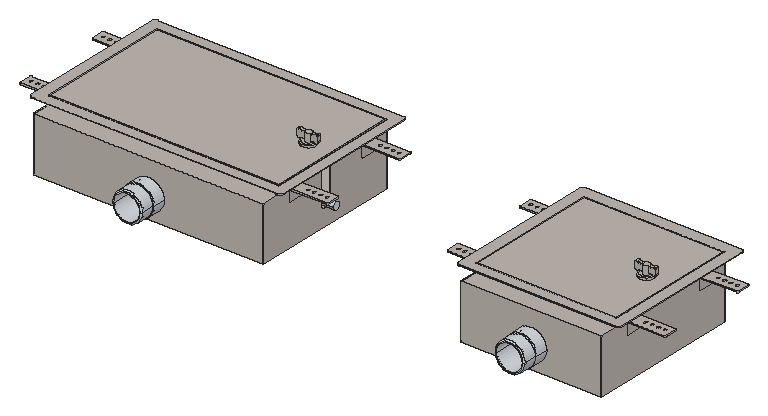
Revit family "MI-DIAL-BPS", category Pipe Accessories, host Face, Revit 2018
Family settings
  Host = Face
  Round Connector Dimension = Use Diameter
  Part Type = Normal
  Cut with Voids When Loaded = No
  Shared = No
Parameters
  URL = "www.mifab.com"
  Model = "MI-DIAL-BPS"
  Manufacturer = "MIFAB"
  Length [instance] = 1' - 1 167/256"
  Description = "STAINLESS STEEL DIALYSIS SUPPLY & SEPARATE WASTE BOX WITH FRP VALVE AND TRAP SEAL PRIMER"
  Default Elevation = 4' - 0"
Reference planes (in)
  plane 1 "Center (Front/Back)": y = 0
  plane 2: z = 0
  plane 3 "Center (Left/Right)": x = 0
  plane 4: z = 4.875
  plane 5: z = 3.33788
  plane 6: z = 0.03906
  plane 7: z = 2.375
  plane 8: z = 2.291
  plane 9: z = 4.6535
  plane 10: z = 4.25
  plane 11: z = 4.875
  plane 12: x = -6.82617
  plane 13: x = 6.82617
Dimensions and locks (in)
  locked: plane 4 to level at 4.875
  locked: plane 6 to plane 2 at 0.03906
  plane 4 to plane 7 = 0' - 2 1/2"
  locked: plane 4 to plane 9 at 0.2215
  plane 4 to plane 10 = 0' - 0 5/8"
  equal spacing: plane 12, plane 3 "Center (Left/Right)", plane 13
  "Length": plane 12 to plane 13
  aligned and locked: plane 2 to host face
  aligned and locked: level to host face
  aligned and locked: plane 1 "Center (Front/Back)" to nested 1
  aligned and locked: plane 1 "Center (Front/Back)" to nested 2
  aligned and locked: plane 12 to nested 1
  aligned and locked: nested 2 to plane 13
Automatic sketch dimensions
  host sketch curve to host sketch curve = 10' - 1.47682"
  host sketch curve to host sketch curve = 10' - 0"
Nested families (in)
  nested 1: "MI-DIAL-BPS_L" at (-16.70117, 0, 0), type "MI-DIAL-BPS_L"
  nested 2: "MI-DIAL-BPS_S" at (-16.97069, 0, 0), type "MI-DIAL-BPS_S"
Connectors (in)
  piping at (-16.70117, -8.87916, -2.416), diameter 2
    settings: on nested 1, index 1, connector inside diameter 609.6 mm, connector length 0' - 0", flow factor 0, pipe flow 0.0 L/s, pressure drop 0.0 Pa, fitting loss kfactor 0, connector angle 0.00°, fixture units 0, engagement length 0' - 0", angle of deflection 0.00°, flow configuration 0, flow direction 2, fitting loss method 0, system type 16, joint type 0, gender type 0, connector reference index -1, connector utility 0, adjustable connector no, is connector primary yes, connector description ""
  piping at (13.20117, -8.87916, -2.416), diameter 2
    settings: on nested 2, index 2, connector inside diameter 609.6 mm, connector length 0' - 0", flow factor 0, pipe flow 0.0 L/s, pressure drop 0.0 Pa, fitting loss kfactor 0, connector angle 0.00°, fixture units 0, engagement length 0' - 0", angle of deflection 0.00°, flow configuration 0, flow direction 2, fitting loss method 0, system type 16, joint type 0, gender type 0, connector reference index -1, connector utility 0, adjustable connector no, is connector primary no, connector description ""
  piping at (-24.77403, 6.15625, -2.02858), diameter 0.5
    settings: on nested 1, index 3, connector inside diameter 609.6 mm, connector length 0' - 0", flow factor 0, pipe flow 0.0 L/s, pressure drop 0.0 Pa, fitting loss kfactor 0, connector angle 0.00°, fixture units 0, engagement length 0' - 0", angle of deflection 0.00°, flow configuration 0, flow direction 1, fitting loss method 0, system type 7, joint type 0, gender type 0, connector reference index -1, connector utility 0, adjustable connector no, is connector primary no, connector description ""
  piping at (-6.82617, -0.73438, -2.416), diameter 0.5
    settings: on nested 1, index 4, connector inside diameter 609.6 mm, connector length 0' - 0", flow factor 0, pipe flow 0.0 L/s, pressure drop 0.0 Pa, fitting loss kfactor 0, connector angle 0.00°, fixture units 0, engagement length 0' - 0", angle of deflection 0.00°, flow configuration 0, flow direction 1, fitting loss method 0, system type 7, joint type 0, gender type 0, connector reference index -1, connector utility 0, adjustable connector no, is connector primary no, connector description ""
  piping at (6.82617, -0.724, -2.416), diameter 0.5
    settings: on nested 2, index 5, connector inside diameter 609.6 mm, connector length 0' - 0", flow factor 0, pipe flow 0.0 L/s, pressure drop 0.0 Pa, fitting loss kfactor 0, connector angle 0.00°, fixture units 0, engagement length 0' - 0", angle of deflection 0.00°, flow configuration 0, flow direction 1, fitting loss method 0, system type 7, joint type 0, gender type 0, connector reference index -1, connector utility 0, adjustable connector no, is connector primary no, connector description ""
Definition of nested family "MI-DIAL-BPS_L"
  Parameters (values of type "MI-DIAL-BPS_L")
    Default Elevation = 4' - 0"
  Reference planes (in)
    plane 1 "Center (Front/Back)": y = 0
    plane 2: z = 0
    plane 3 "Center (Left/Right)": x = 0
    plane 4: x = -9.875
    plane 5: x = 9.875
    plane 6: z = 4.875
    plane 7: z = 3.33788
    plane 8: x = -9
    plane 9: x = 9
    plane 10: z = 0.03906
    plane 11: z = 2.375
    plane 12: z = 2.291
    plane 13: x = 0.76141
    plane 14: x = 2.35719
    plane 15: z = 4.6535
    plane 16: y = -4.37545
    plane 17: y = 4.3125
    plane 18: x = 1.5601
    plane 19: y = -2.71428
    plane 20: y = 6.15625
    plane 21: y = -6.15625
    plane 22: y = 5.28125
    plane 23: y = -5.28125
    plane 24: y = -6.78125
    plane 25: z = 4.25
    plane 26: y = -0.73438
    plane 27: z = 4.875
  Forms (in)
    Extrusion 1, solid
      sketch origin (0, 0, 0) x (1, 0, 0) y (0, 1, 0)
        loop
          line (-50, 48) -> (-50, -48) -> (44.8531, -48) -> (44.8531, 48) -> (-50, 48)
      from 0 to -12
    Extrusion 2, solid
      sketch origin (0, 0, -4.166) x (1, 0, 0) y (0, 1, 0)
        loop
          arc (-9.875, -5.85857) -> (-9.78781, -6.06906) -> (-9.57732, -6.15625) r 0.29768
          line (-9.57732, -6.15625) -> (9.57813, -6.15625)
          arc (9.57813, -6.15625) -> (9.78805, -6.0693) -> (9.875, -5.85937) r 0.29688
          line (9.875, -5.85937) -> (9.875, 5.85937)
          arc (9.875, 5.85937) -> (9.78805, 6.0693) -> (9.57813, 6.15625) r 0.29688
          line (9.57813, 6.15625) -> (-9.57812, 6.15625)
          arc (-9.57812, 6.15625) -> (-9.78805, 6.0693) -> (-9.875, 5.85937) r 0.29688
          line (-9.875, 5.85937) -> (-9.875, -5.85857)
        loop
          arc (-8.94945, 5.28125) -> (-8.98519, 5.26644) -> (-9, 5.2307) r 0.05055
          line (-9, 5.2307) -> (-9, -5.28125) -> (9, -5.28125) -> (9, 5.23047)
          arc (9, 5.23047) -> (8.98513, 5.26638) -> (8.94922, 5.28125) r 0.05078
          line (8.94922, 5.28125) -> (-8.94945, 5.28125)
      from 4.83788 to 4.875
    Extrusion 3, solid
      sketch origin (0, 0, -4.166) x (1, 0, 0) y (0, 1, 0)
        loop
          arc (9, 5.23047) -> (8.98513, 5.26638) -> (8.94922, 5.28125) r 0.05078
          line (8.94922, 5.28125) -> (-8.94945, 5.28125)
          arc (-8.94945, 5.28125) -> (-8.98519, 5.26644) -> (-9, 5.2307) r 0.05055
          line (-9, 5.2307) -> (-9, -6.73047)
          arc (-9, -6.73047) -> (-8.98513, -6.76638) -> (-8.94922, -6.78125) r 0.05078
          line (-8.94922, -6.78125) -> (8.94922, -6.78125)
          arc (8.94922, -6.78125) -> (8.98513, -6.76638) -> (9, -6.73047) r 0.05078
          line (9, -6.73047) -> (9, 5.23047)
        loop
          line (-8.96094, 5.24281) -> (-8.96094, -6.74219) -> (8.96094, -6.74219) -> (8.96094, 5.24281) -> (-8.96094, 5.24281)
      from 0.03906 to 4.875
    Extrusion 4, solid
      sketch origin (0, 0, -4.166) x (1, 0, 0) y (0, 1, 0)
        loop
          line (-9, 5.2307) -> (-9, -6.73047)
          arc (-9, -6.73047) -> (-8.98513, -6.76638) -> (-8.94922, -6.78125) r 0.05078
          line (-8.94922, -6.78125) -> (8.94922, -6.78125)
          arc (8.94922, -6.78125) -> (8.98513, -6.76638) -> (9, -6.73047) r 0.05078
          line (9, -6.73047) -> (9, 5.23047)
          arc (9, 5.23047) -> (8.98513, 5.26638) -> (8.94922, 5.28125) r 0.05078
          line (8.94922, 5.28125) -> (-8.94945, 5.28125)
          arc (-8.94945, 5.28125) -> (-8.98519, 5.26644) -> (-9, 5.2307) r 0.05055
      from 0 to 0.03906
    Extrusion 5, solid
      sketch origin (0, 0, -4.166) x (1, 0, 0) y (0, 1, 0)
        loop
          line (-8.96094, 5.24281) -> (-8.96094, -5.28125) -> (8.96094, -5.28125) -> (8.96094, 5.24281) -> (-8.96094, 5.24281)
      from 4.6535 to 4.875
    Extrusion 6, solid
      sketch origin (0, 0, -2.291) x (1, 0, 0) y (0, 1, 0)
        loop
          line (-9, 3.84196) -> (-11.93897, 3.84196)
          arc (-11.93897, 3.84196) -> (-12.00803, 3.81335) -> (-12.03663, 3.7443) r 0.09766
          line (-12.03663, 3.7443) -> (-12.03663, 2.85105)
          arc (-12.03663, 2.85105) -> (-12.00794, 2.78179) -> (-11.93868, 2.7531) r 0.09795
          line (-11.93868, 2.7531) -> (-9, 2.7531) -> (-9, 3.84196)
        loop
          circle (-11.56892, 3.29768) r 0.10469
        loop
          circle (-11.06892, 3.29768) r 0.10469
        loop
          circle (-10.56892, 3.29768) r 0.10469
        loop
          circle (-10.06892, 3.29768) r 0.10469
        loop
          line (-9, -4.31071) -> (-9, -3.22185) -> (-11.93868, -3.22185)
          arc (-11.93868, -3.22185) -> (-12.00794, -3.25054) -> (-12.03663, -3.3198) r 0.09795
          line (-12.03663, -3.3198) -> (-12.03663, -4.21305)
          arc (-12.03663, -4.21305) -> (-12.00803, -4.2821) -> (-11.93897, -4.31071) r 0.09766
          line (-11.93897, -4.31071) -> (-9, -4.31071)
        loop
          circle (-11.56892, -3.76643) r 0.10469
        loop
          circle (-11.06892, -3.76643) r 0.10469
        loop
          circle (-10.56892, -3.76643) r 0.10469
        loop
          circle (-10.06892, -3.76643) r 0.10469
        loop
          line (9, 3.84196) -> (9, 2.7531) -> (11.93868, 2.7531)
          arc (11.93868, 2.7531) -> (12.00794, 2.78179) -> (12.03663, 2.85105) r 0.09795
          line (12.03663, 2.85105) -> (12.03663, 3.7443)
          arc (12.03663, 3.7443) -> (12.00803, 3.81335) -> (11.93897, 3.84196) r 0.09766
          line (11.93897, 3.84196) -> (9, 3.84196)
        loop
          circle (11.56892, 3.29768) r 0.10469
        loop
          circle (11.06892, 3.29768) r 0.10469
        loop
          circle (10.56892, 3.29768) r 0.10469
        loop
          circle (10.06892, 3.29768) r 0.10469
        loop
          line (9, -4.31071) -> (11.93897, -4.31071)
          arc (11.93897, -4.31071) -> (12.00803, -4.2821) -> (12.03663, -4.21305) r 0.09766
          line (12.03663, -4.21305) -> (12.03663, -3.3198)
          arc (12.03663, -3.3198) -> (12.00794, -3.25054) -> (11.93868, -3.22185) r 0.09795
          line (11.93868, -3.22185) -> (9, -3.22185) -> (9, -4.31071)
        loop
          circle (11.56892, -3.76643) r 0.10469
        loop
          circle (11.06892, -3.76643) r 0.10469
        loop
          circle (10.56892, -3.76643) r 0.10469
        loop
          circle (10.06892, -3.76643) r 0.10469
      from 2.291 to 2.375
    Extrusion 7, solid
      sketch origin (-9, 5.2307, -4.166) x (0, -1, 0) y (0, 0, 1)
        loop
          line (8.5502, 3.27894) -> (9.44375, 3.27894)
          arc (9.44375, 3.27894) -> (9.5128, 3.30754) -> (9.5414, 3.37659) r 0.09766
          line (9.5414, 3.37659) -> (9.5414, 4.166) -> (8.45255, 4.166) -> (8.45255, 3.37659)
          arc (8.45255, 3.37659) -> (8.48115, 3.30754) -> (8.5502, 3.27894) r 0.09766
      from 0 to 0.084
    Extrusion 8, solid
      sketch origin (-9, 12.2945, -4.166) x (0, -1, 0) y (0, 0, 1)
        loop
          line (8.5502, 3.27894) -> (9.44375, 3.27894)
          arc (9.44375, 3.27894) -> (9.5128, 3.30754) -> (9.5414, 3.37659) r 0.09766
          line (9.5414, 3.37659) -> (9.5414, 4.166) -> (8.45255, 4.166) -> (8.45255, 3.37659)
          arc (8.45255, 3.37659) -> (8.48115, 3.30754) -> (8.5502, 3.27894) r 0.09766
      from 0 to 0.084
    Extrusion 9, solid
      sketch origin (9, 5.2307, -4.166) x (0, -1, 0) y (0, 0, -1)
        loop
          arc (8.5502, -3.27894) -> (8.48115, -3.30754) -> (8.45255, -3.37659) r 0.09766
          line (8.45255, -3.37659) -> (8.45255, -4.166) -> (9.5414, -4.166) -> (9.5414, -3.37659)
          arc (9.5414, -3.37659) -> (9.5128, -3.30754) -> (9.44375, -3.27894) r 0.09766
          line (9.44375, -3.27894) -> (8.5502, -3.27894)
      from 0 to 0.084
    Extrusion 10, solid
      sketch origin (9, 12.2945, -4.166) x (0, -1, 0) y (0, 0, -1)
        loop
          arc (8.5502, -3.27894) -> (8.48115, -3.30754) -> (8.45255, -3.37659) r 0.09766
          line (8.45255, -3.37659) -> (8.45255, -4.166) -> (9.5414, -4.166) -> (9.5414, -3.37659)
          arc (9.5414, -3.37659) -> (9.5128, -3.30754) -> (9.44375, -3.27894) r 0.09766
          line (9.44375, -3.27894) -> (8.5502, -3.27894)
      from 0 to 0.084
    Extrusion 11, void
      sketch origin (0, 0, -4.166) x (0, 1, 0) y (0, 0, 1)
        loop
          line (-6.15625, 4.875) -> (-6.78125, 4.875) -> (-6.78125, 4.25) -> (-5.28125, 4.25) -> (-5.28125, 4.83788) -> (-6.15625, 4.83788) -> (-6.15625, 4.875)
      from -9.875 to 9.875
    Extrusion 12, solid
      sketch origin (0, 0, -4.166) x (0, 1, 0) y (0, 0, 1)
        loop
          line (-5.28125, 4.83788) -> (-5.28125, 4.25) -> (-6.78125, 4.25) -> (-6.78125, 4.21094) -> (-5.24219, 4.21094) -> (-5.24219, 4.83788) -> (-5.28125, 4.83788)
      from -9 to 9
    Extrusion 13, void
      sketch origin (0, -6.78125, 0.04494) x (0, 1, 0) y (-1, 0, 0)
        loop
          line (0.05078, 9) -> (0, 9) -> (0, 8.94922)
          arc (0, 8.94922) -> (0.01487, 8.98513) -> (0.05078, 9) r 0.05078
        loop
          line (0, -8.94922) -> (0, -9) -> (0.05078, -9)
          arc (0.05078, -9) -> (0.01487, -8.98513) -> (0, -8.94922) r 0.05078
      from 0 to 0.03906
    Extrusion 14, void
      sketch origin (-8.96094, 5.24281, -4.166) x (-1, 0, 0) y (0, 0, 1)
        loop
          circle (-0.88808, 2.13742) r 0.5
      from 0 to 0.03844
    Extrusion 15, void
      sketch origin (8.96094, 5.24281, -4.166) x (0, 1, 0) y (0, 0, -1)
        loop
          line (-5.47719, -4.6535) -> (-5.47719, -1.78654)
          arc (-5.47719, -1.78654) -> (-5.97719, -1.28654) -> (-6.47719, -1.78654) r 0.5
          line (-6.47719, -1.78654) -> (-6.47719, -4.6535) -> (-5.47719, -4.6535)
      from -0.03906 to 0
    Extrusion 16, solid, not visible
      sketch origin (0, 0, -4.166) x (1, 0, 0) y (0, 1, 0)
        loop
          arc (-9.875, -5.85857) -> (-9.78781, -6.06906) -> (-9.57732, -6.15625) r 0.29768
          line (-9.57732, -6.15625) -> (9.57813, -6.15625)
          arc (9.57813, -6.15625) -> (9.78805, -6.0693) -> (9.875, -5.85937) r 0.29688
          line (9.875, -5.85937) -> (9.875, 5.85937)
          arc (9.875, 5.85937) -> (9.78805, 6.0693) -> (9.57813, 6.15625) r 0.29688
          line (9.57813, 6.15625) -> (-9.57812, 6.15625)
          arc (-9.57812, 6.15625) -> (-9.78805, 6.0693) -> (-9.875, 5.85937) r 0.29688
          line (-9.875, 5.85937) -> (-9.875, -5.85857)
        loop
          arc (-8.94945, 5.28125) -> (-8.98519, 5.26644) -> (-9, 5.2307) r 0.05055
          line (-9, 5.2307) -> (-9, -5.28125) -> (9, -5.28125) -> (9, 5.23047)
          arc (9, 5.23047) -> (8.98513, 5.26638) -> (8.94922, 5.28125) r 0.05078
          line (8.94922, 5.28125) -> (-8.94945, 5.28125)
      from 4.83788 to 4.875
    Extrusion 17, solid, not visible
      sketch origin (0, 0, -4.166) x (1, 0, 0) y (0, 1, 0)
        loop
          arc (9, 5.23047) -> (8.98513, 5.26638) -> (8.94922, 5.28125) r 0.05078
          line (8.94922, 5.28125) -> (-8.94945, 5.28125)
          arc (-8.94945, 5.28125) -> (-8.98519, 5.26644) -> (-9, 5.2307) r 0.05055
          line (-9, 5.2307) -> (-9, -6.73047)
          arc (-9, -6.73047) -> (-8.98513, -6.76638) -> (-8.94922, -6.78125) r 0.05078
          line (-8.94922, -6.78125) -> (8.94922, -6.78125)
          arc (8.94922, -6.78125) -> (8.98513, -6.76638) -> (9, -6.73047) r 0.05078
          line (9, -6.73047) -> (9, 5.23047)
        loop
          line (-8.96094, 5.24281) -> (-8.96094, -6.74219) -> (8.96094, -6.74219) -> (8.96094, 5.24281) -> (-8.96094, 5.24281)
      from 0.03906 to 4.875
    Extrusion 18, solid, not visible
      sketch origin (0, 0, -4.166) x (1, 0, 0) y (0, 1, 0)
        loop
          line (-9, 5.2307) -> (-9, -6.73047)
          arc (-9, -6.73047) -> (-8.98513, -6.76638) -> (-8.94922, -6.78125) r 0.05078
          line (-8.94922, -6.78125) -> (8.94922, -6.78125)
          arc (8.94922, -6.78125) -> (8.98513, -6.76638) -> (9, -6.73047) r 0.05078
          line (9, -6.73047) -> (9, 5.23047)
          arc (9, 5.23047) -> (8.98513, 5.26638) -> (8.94922, 5.28125) r 0.05078
          line (8.94922, 5.28125) -> (-8.94945, 5.28125)
          arc (-8.94945, 5.28125) -> (-8.98519, 5.26644) -> (-9, 5.2307) r 0.05055
      from 0 to 0.03906
    Extrusion 19, solid, not visible
      sketch origin (0, 0, -4.166) x (1, 0, 0) y (0, 1, 0)
        loop
          line (-8.96094, 5.24281) -> (-8.96094, -5.28125) -> (8.96094, -5.28125) -> (8.96094, 5.24281) -> (-8.96094, 5.24281)
      from 4.6535 to 4.875
    Extrusion 20, solid, not visible
      sketch origin (0, 0, -2.291) x (1, 0, 0) y (0, 1, 0)
        loop
          line (-9, 3.84196) -> (-11.93897, 3.84196)
          arc (-11.93897, 3.84196) -> (-12.00803, 3.81335) -> (-12.03663, 3.7443) r 0.09766
          line (-12.03663, 3.7443) -> (-12.03663, 2.85105)
          arc (-12.03663, 2.85105) -> (-12.00794, 2.78179) -> (-11.93868, 2.7531) r 0.09795
          line (-11.93868, 2.7531) -> (-9, 2.7531) -> (-9, 3.84196)
        loop
          circle (-11.56892, 3.29768) r 0.10469
        loop
          circle (-11.06892, 3.29768) r 0.10469
        loop
          circle (-10.56892, 3.29768) r 0.10469
        loop
          circle (-10.06892, 3.29768) r 0.10469
        loop
          line (-9, -4.31071) -> (-9, -3.22185) -> (-11.93868, -3.22185)
          arc (-11.93868, -3.22185) -> (-12.00794, -3.25054) -> (-12.03663, -3.3198) r 0.09795
          line (-12.03663, -3.3198) -> (-12.03663, -4.21305)
          arc (-12.03663, -4.21305) -> (-12.00803, -4.2821) -> (-11.93897, -4.31071) r 0.09766
          line (-11.93897, -4.31071) -> (-9, -4.31071)
        loop
          circle (-11.56892, -3.76643) r 0.10469
        loop
          circle (-11.06892, -3.76643) r 0.10469
        loop
          circle (-10.56892, -3.76643) r 0.10469
        loop
          circle (-10.06892, -3.76643) r 0.10469
        loop
          line (9, 3.84196) -> (9, 2.7531) -> (11.93868, 2.7531)
          arc (11.93868, 2.7531) -> (12.00794, 2.78179) -> (12.03663, 2.85105) r 0.09795
          line (12.03663, 2.85105) -> (12.03663, 3.7443)
          arc (12.03663, 3.7443) -> (12.00803, 3.81335) -> (11.93897, 3.84196) r 0.09766
          line (11.93897, 3.84196) -> (9, 3.84196)
        loop
          circle (11.56892, 3.29768) r 0.10469
        loop
          circle (11.06892, 3.29768) r 0.10469
        loop
          circle (10.56892, 3.29768) r 0.10469
        loop
          circle (10.06892, 3.29768) r 0.10469
        loop
          line (9, -4.31071) -> (11.93897, -4.31071)
          arc (11.93897, -4.31071) -> (12.00803, -4.2821) -> (12.03663, -4.21305) r 0.09766
          line (12.03663, -4.21305) -> (12.03663, -3.3198)
          arc (12.03663, -3.3198) -> (12.00794, -3.25054) -> (11.93868, -3.22185) r 0.09795
          line (11.93868, -3.22185) -> (9, -3.22185) -> (9, -4.31071)
        loop
          circle (11.56892, -3.76643) r 0.10469
        loop
          circle (11.06892, -3.76643) r 0.10469
        loop
          circle (10.56892, -3.76643) r 0.10469
        loop
          circle (10.06892, -3.76643) r 0.10469
      from 2.291 to 2.375
    Extrusion 21, solid, not visible
      sketch origin (-9, 5.2307, -4.166) x (0, -1, 0) y (0, 0, 1)
        loop
          line (8.5502, 3.27894) -> (9.44375, 3.27894)
          arc (9.44375, 3.27894) -> (9.5128, 3.30754) -> (9.5414, 3.37659) r 0.09766
          line (9.5414, 3.37659) -> (9.5414, 4.166) -> (8.45255, 4.166) -> (8.45255, 3.37659)
          arc (8.45255, 3.37659) -> (8.48115, 3.30754) -> (8.5502, 3.27894) r 0.09766
      from 0 to 0.084
    Extrusion 22, solid, not visible
      sketch origin (-9, 12.2945, -4.166) x (0, -1, 0) y (0, 0, 1)
        loop
          line (8.5502, 3.27894) -> (9.44375, 3.27894)
          arc (9.44375, 3.27894) -> (9.5128, 3.30754) -> (9.5414, 3.37659) r 0.09766
          line (9.5414, 3.37659) -> (9.5414, 4.166) -> (8.45255, 4.166) -> (8.45255, 3.37659)
          arc (8.45255, 3.37659) -> (8.48115, 3.30754) -> (8.5502, 3.27894) r 0.09766
      from 0 to 0.084
    Extrusion 23, solid, not visible
      sketch origin (9, 5.2307, -4.166) x (0, -1, 0) y (0, 0, -1)
        loop
          arc (8.5502, -3.27894) -> (8.48115, -3.30754) -> (8.45255, -3.37659) r 0.09766
          line (8.45255, -3.37659) -> (8.45255, -4.166) -> (9.5414, -4.166) -> (9.5414, -3.37659)
          arc (9.5414, -3.37659) -> (9.5128, -3.30754) -> (9.44375, -3.27894) r 0.09766
          line (9.44375, -3.27894) -> (8.5502, -3.27894)
      from 0 to 0.084
    Extrusion 24, solid, not visible
      sketch origin (9, 12.2945, -4.166) x (0, -1, 0) y (0, 0, -1)
        loop
          arc (8.5502, -3.27894) -> (8.48115, -3.30754) -> (8.45255, -3.37659) r 0.09766
          line (8.45255, -3.37659) -> (8.45255, -4.166) -> (9.5414, -4.166) -> (9.5414, -3.37659)
          arc (9.5414, -3.37659) -> (9.5128, -3.30754) -> (9.44375, -3.27894) r 0.09766
          line (9.44375, -3.27894) -> (8.5502, -3.27894)
      from 0 to 0.084
    Extrusion 25, void, not visible
      sketch origin (0, 0, -4.166) x (0, 1, 0) y (0, 0, 1)
        loop
          line (-5.28125, 4.875) -> (-6.78125, 4.875) -> (-6.78125, 4.25) -> (-5.28125, 4.25) -> (-5.28125, 4.875)
      from -9.875 to 9.875
    Extrusion 26, solid, not visible
      sketch origin (0, 0, -4.166) x (0, 1, 0) y (0, 0, 1)
        loop
          line (-5.28125, 4.83788) -> (-5.28125, 4.25) -> (-6.78125, 4.25) -> (-6.78125, 4.21094) -> (-5.24219, 4.21094) -> (-5.24219, 4.83788) -> (-5.28125, 4.83788)
      from -9 to 9
    Extrusion 27, void, not visible
      sketch origin (0, -6.78125, 0.04494) x (0, 1, 0) y (-1, 0, 0)
        loop
          line (0.05078, 9) -> (0, 9) -> (0, 8.94922)
          arc (0, 8.94922) -> (0.01487, 8.98513) -> (0.05078, 9) r 0.05078
        loop
          line (0, -8.94922) -> (0, -9) -> (0.05078, -9)
          arc (0.05078, -9) -> (0.01487, -8.98513) -> (0, -8.94922) r 0.05078
      from 0 to 0.03906
    Extrusion 28, void, not visible
      sketch origin (-8.96094, 5.24281, -4.166) x (-1, 0, 0) y (0, 0, 1)
        loop
          circle (-0.88808, 2.13742) r 0.64949
      from 0 to 0.03844
    Extrusion 29, void, not visible
      sketch origin (8.96094, 5.24281, -4.166) x (0, 1, 0) y (0, 0, -1)
        loop
          line (-5.47719, -4.6535) -> (-5.47719, -1.78654)
          arc (-5.47719, -1.78654) -> (-5.97719, -1.28654) -> (-6.47719, -1.78654) r 0.5
          line (-6.47719, -1.78654) -> (-6.47719, -4.6535) -> (-5.47719, -4.6535)
      from -0.03906 to 0
    Extrusion 30, solid, not visible
      sketch origin (28.17186, 0.5, -4.166) x (1, 0, 0) y (0, 1, 0)
        loop
          arc (7.5, 4.73047) -> (7.48513, 4.76638) -> (7.44922, 4.78125) r 0.05078
          line (7.44922, 4.78125) -> (-3.44945, 4.78125)
          arc (-3.44945, 4.78125) -> (-3.48519, 4.76644) -> (-3.5, 4.7307) r 0.05055
          line (-3.5, 4.7307) -> (-3.5, -7.23047)
          arc (-3.5, -7.23047) -> (-3.48513, -7.26638) -> (-3.44922, -7.28125) r 0.05078
          line (-3.44922, -7.28125) -> (7.44922, -7.28125)
          arc (7.44922, -7.28125) -> (7.48513, -7.26638) -> (7.5, -7.23047) r 0.05078
          line (7.5, -7.23047) -> (7.5, 4.73047)
        loop
          line (-3.46094, 4.74281) -> (-3.46094, -7.24219) -> (7.46094, -7.24219) -> (7.46094, 4.74281) -> (-3.46094, 4.74281)
      from 0.03906 to 4.875
    Extrusion 31, solid, not visible
      sketch origin (28.17186, 0.5, -4.166) x (1, 0, 0) y (0, 1, 0)
        loop
          line (-3.5, 4.7307) -> (-3.5, -7.23047)
          arc (-3.5, -7.23047) -> (-3.48513, -7.26638) -> (-3.44922, -7.28125) r 0.05078
          line (-3.44922, -7.28125) -> (7.44922, -7.28125)
          arc (7.44922, -7.28125) -> (7.48513, -7.26638) -> (7.5, -7.23047) r 0.05078
          line (7.5, -7.23047) -> (7.5, 4.73047)
          arc (7.5, 4.73047) -> (7.48513, 4.76638) -> (7.44922, 4.78125) r 0.05078
          line (7.44922, 4.78125) -> (-3.44945, 4.78125)
          arc (-3.44945, 4.78125) -> (-3.48519, 4.76644) -> (-3.5, 4.7307) r 0.05055
      from 0 to 0.03906
    Extrusion 32, solid, not visible
      sketch origin (26.67186, 0, -2.291) x (1, 0, 0) y (0, 1, 0)
        loop
          line (9, 3.84196) -> (9, 2.7531) -> (11.93868, 2.7531)
          arc (11.93868, 2.7531) -> (12.00794, 2.78179) -> (12.03663, 2.85105) r 0.09795
          line (12.03663, 2.85105) -> (12.03663, 3.7443)
          arc (12.03663, 3.7443) -> (12.00803, 3.81335) -> (11.93897, 3.84196) r 0.09766
          line (11.93897, 3.84196) -> (9, 3.84196)
        loop
          circle (11.56892, 3.29768) r 0.10469
        loop
          circle (11.06892, 3.29768) r 0.10469
        loop
          circle (10.56892, 3.29768) r 0.10469
        loop
          circle (10.06892, 3.29768) r 0.10469
        loop
          line (9, -4.31071) -> (11.93897, -4.31071)
          arc (11.93897, -4.31071) -> (12.00803, -4.2821) -> (12.03663, -4.21305) r 0.09766
          line (12.03663, -4.21305) -> (12.03663, -3.3198)
          arc (12.03663, -3.3198) -> (12.00794, -3.25054) -> (11.93868, -3.22185) r 0.09795
          line (11.93868, -3.22185) -> (9, -3.22185) -> (9, -4.31071)
        loop
          circle (11.56892, -3.76643) r 0.10469
        loop
          circle (11.06892, -3.76643) r 0.10469
        loop
          circle (10.56892, -3.76643) r 0.10469
        loop
          circle (10.06892, -3.76643) r 0.10469
        loop
          line (-2, 3.84196) -> (-4.93897, 3.84196)
          arc (-4.93897, 3.84196) -> (-5.00803, 3.81335) -> (-5.03663, 3.7443) r 0.09766
          line (-5.03663, 3.7443) -> (-5.03663, 2.85105)
          arc (-5.03663, 2.85105) -> (-5.00794, 2.78179) -> (-4.93868, 2.7531) r 0.09795
          line (-4.93868, 2.7531) -> (-2, 2.7531) -> (-2, 3.84196)
        loop
          circle (-4.56892, 3.29768) r 0.10469
        loop
          circle (-4.06892, 3.29768) r 0.10469
        loop
          circle (-3.56892, 3.29768) r 0.10469
        loop
          circle (-3.06892, 3.29768) r 0.10469
        loop
          line (-2, -4.31071) -> (-2, -3.22185) -> (-4.93868, -3.22185)
          arc (-4.93868, -3.22185) -> (-5.00794, -3.25054) -> (-5.03663, -3.3198) r 0.09795
          line (-5.03663, -3.3198) -> (-5.03663, -4.21305)
          arc (-5.03663, -4.21305) -> (-5.00803, -4.2821) -> (-4.93897, -4.31071) r 0.09766
          line (-4.93897, -4.31071) -> (-2, -4.31071)
        loop
          circle (-4.56892, -3.76643) r 0.10469
        loop
          circle (-4.06892, -3.76643) r 0.10469
        loop
          circle (-3.56892, -3.76643) r 0.10469
        loop
          circle (-3.06892, -3.76643) r 0.10469
      from 2.291 to 2.375
    Extrusion 33, solid, not visible
      sketch origin (35.67186, 12.2945, -4.166) x (0, -1, 0) y (0, 0, -1)
        loop
          arc (8.5502, -3.27894) -> (8.48115, -3.30754) -> (8.45255, -3.37659) r 0.09766
          line (8.45255, -3.37659) -> (8.45255, -4.166) -> (9.5414, -4.166) -> (9.5414, -3.37659)
          arc (9.5414, -3.37659) -> (9.5128, -3.30754) -> (9.44375, -3.27894) r 0.09766
          line (9.44375, -3.27894) -> (8.5502, -3.27894)
      from 0 to 0.084
    Extrusion 34, solid, not visible
      sketch origin (26.93981, 0, -2.666) x (1, 0, 0) y (0, 1, 0)
        loop
          arc (-3.14295, -5.85857) -> (-3.05576, -6.06906) -> (-2.84527, -6.15625) r 0.29768
          line (-2.84527, -6.15625) -> (9.31018, -6.15625)
          arc (9.31018, -6.15625) -> (9.5201, -6.0693) -> (9.60705, -5.85938) r 0.29688
          line (9.60705, -5.85938) -> (9.60705, 5.85937)
          arc (9.60705, 5.85937) -> (9.5201, 6.0693) -> (9.31018, 6.15625) r 0.29688
          line (9.31018, 6.15625) -> (-2.84607, 6.15625)
          arc (-2.84607, 6.15625) -> (-3.05599, 6.0693) -> (-3.14295, 5.85937) r 0.29688
          line (-3.14295, 5.85937) -> (-3.14295, -5.85857)
        loop
          arc (-2.21739, 5.28125) -> (-2.25314, 5.26644) -> (-2.26795, 5.2307) r 0.05055
          line (-2.26795, 5.2307) -> (-2.26795, -5.23047)
          arc (-2.26795, -5.23047) -> (-2.25307, -5.26638) -> (-2.21717, -5.28125) r 0.05078
          line (-2.21717, -5.28125) -> (8.68127, -5.28125)
          arc (8.68127, -5.28125) -> (8.71718, -5.26638) -> (8.73205, -5.23047) r 0.05078
          line (8.73205, -5.23047) -> (8.73205, 5.23047)
          arc (8.73205, 5.23047) -> (8.71718, 5.26638) -> (8.68127, 5.28125) r 0.05078
          line (8.68127, 5.28125) -> (-2.21739, 5.28125)
      from 3.33788 to 3.375
    Extrusion 35, solid, not visible
      sketch origin (26.93981, 0, -2.666) x (1, 0, 0) y (0, 1, 0)
        loop
          line (-2.22888, 5.24281) -> (-2.22888, -5.28125) -> (8.69299, -5.28125) -> (8.69299, 5.24281) -> (-2.22888, 5.24281)
      from 3.1535 to 3.375
    Extrusion 36, void, not visible
      sketch origin (29.25, 0, -4.166) x (0, 1, 0) y (0, 0, 1)
        loop
          line (-6.15625, 4.875) -> (-6.78125, 4.875) -> (-6.78125, 4.25) -> (-5.28125, 4.25) -> (-5.28125, 4.83788) -> (-6.15625, 4.83788) -> (-6.15625, 4.875)
      from -4.57814 to 6.42186
    Extrusion 37, solid, not visible
      sketch origin (29.25, -6.78125, 0.084) x (0, 1, 0) y (-1, 0, 0)
        loop
          line (0.03906, 4.53908) -> (0.03906, -6.3828) -> (1.5, -6.3828) -> (1.5, 4.53908) -> (0.03906, 4.53908)
      from 0 to -0.01379
    Extrusion 38, solid, not visible
      sketch origin (29.25, -5.28125, 0.67187) x (0, 0, 1) y (-1, 0, 0)
        loop
          line (-0.58788, 4.53908) -> (-0.58788, -6.3828) -> (0, -6.3828) -> (0, 4.53908) -> (-0.58788, 4.53908)
      from 0 to -0.03906
    Extrusion 39, void, not visible
      sketch origin (23.21094, 5.24281, -4.166) x (0, 1, 0) y (0, 0, -1)
        loop
          circle (-5.97719, -1.78654) r 0.5
      from -1.49999 to -1.46092
    Extrusion 40, solid, not visible
      sketch origin (35.67186, 5.2307, -4.166) x (0, -1, 0) y (0, 0, -1)
        loop
          arc (8.5502, -3.27894) -> (8.48115, -3.30754) -> (8.45255, -3.37659) r 0.09766
          line (8.45255, -3.37659) -> (8.45255, -4.166) -> (9.5414, -4.166) -> (9.5414, -3.37659)
          arc (9.5414, -3.37659) -> (9.5128, -3.30754) -> (9.44375, -3.27894) r 0.09766
          line (9.44375, -3.27894) -> (8.5502, -3.27894)
      from 0 to 0.084
    Extrusion 41, solid, not visible
      sketch origin (24.67186, 12.2945, -4.166) x (0, -1, 0) y (0, 0, 1)
        loop
          line (8.5502, 3.27894) -> (9.44375, 3.27894)
          arc (9.44375, 3.27894) -> (9.5128, 3.30754) -> (9.5414, 3.37659) r 0.09766
          line (9.5414, 3.37659) -> (9.5414, 4.166) -> (8.45255, 4.166) -> (8.45255, 3.37659)
          arc (8.45255, 3.37659) -> (8.48115, 3.30754) -> (8.5502, 3.27894) r 0.09766
      from 0 to 0.084
    Extrusion 42, solid, not visible
      sketch origin (24.67186, 5.2307, -4.166) x (0, -1, 0) y (0, 0, 1)
        loop
          line (8.5502, 3.27894) -> (9.44375, 3.27894)
          arc (9.44375, 3.27894) -> (9.5128, 3.30754) -> (9.5414, 3.37659) r 0.09766
          line (9.5414, 3.37659) -> (9.5414, 4.166) -> (8.45255, 4.166) -> (8.45255, 3.37659)
          arc (8.45255, 3.37659) -> (8.48115, 3.30754) -> (8.5502, 3.27894) r 0.09766
      from 0 to 0.084
    Extrusion 43, solid
      sketch origin (-8.96094, 5.24281, 0) x (1, 0, 0) y (0, 0, 1)
        loop
          circle (0.88808, -2.02858) r 0.25
      from -0.91344 to 1.40085
    Extrusion 44, solid
      sketch origin (10.40085, 0.17691, -0.36708) x (0, -1, 0) y (0, 0, 1)
        loop
          circle (0.91128, -2.04892) r 0.25
      from 0.52585 to 2.59959
  Cuts and joins
    Extrusion 11, Extrusion 14, Extrusion 15 cuts Extrusion 3
    Extrusion 15 cuts Extrusion 4
    Extrusion 11, Extrusion 13 cuts Extrusion 12
    joined: Extrusion 2, Extrusion 3, Extrusion 4, Extrusion 12
    Extrusion 11 cuts Extrusion 5
  Lines and regions (in)
    model lines, not visible
      curve 1: line (9.53657, -19.23101, 0) -> (9.53657, -16.73101, 0)
      curve 2: line (9.53657, -16.73101, 0) -> (29.28657, -16.73101, 0)
      curve 3: line (29.28657, -16.73101, 0) -> (29.28657, -19.23101, 0)
      curve 4: line (9.53657, -19.23101, 0) -> (9.53657, -16.73101, 0)
      curve 5: line (9.53657, -16.73101, 0) -> (27.53657, -16.73101, 0)
      curve 6: line (27.53657, -16.73101, 0) -> (27.53657, -19.23101, 0)
      curve 7: line (18.53657, -16.73101, 0) -> (18.53657, -17.73101, 0)
      curve 8: line (19.41157, -16.73101, 0) -> (19.41157, -17.48101, 0)
      curve 9: line (23.0033, 0, 3.375) -> (23.0033, 0, 3.33788)
      curve 10: line (23.0033, 0, 3.33788) -> (22.2533, 0, 3.33788)
      curve 11: line (23.0033, 0, 3.375) -> (22.2533, 0, 3.375)
      curve 12: line (-17.5, -5.48958, 0) -> (-19.5, -5.48958, 0)
      curve 13: line (-19.5, -5.48958, 0) -> (-19.5, 7.34375, 0)
      curve 14: line (-19.5, 7.34375, 0) -> (-17.5, 7.34375, 0)
      curve 15: line (-19.5, 0.92708, 0) -> (-19, 0.92708, 0)
      curve 16: line (-16, -5.89583, 0) -> (-16, 6.41667, 0)
      curve 17: line (-16, -5.89583, 0) -> (-16.75, -5.89583, 0)
      curve 18: line (-16, 6.41667, 0) -> (-16.75, 6.41667, 0)
      curve 19: line (-16, 0.26042, 0) -> (-16.5, 0.26042, 0)
      curve 20: line (24.40162, 14.13858, 0) -> (24.40162, 15.63858, 0)
      curve 21: line (24.40162, 15.63858, 0) -> (35.40162, 15.63858, 0)
      curve 22: line (35.40162, 15.63858, 0) -> (35.40162, 14.13858, 0)
      curve 23: line (29.90162, 15.63858, 0) -> (29.90162, 14.88858, 0)
  Dimensions and locks (in)
    equal spacing: plane 4, plane 3 "Center (Left/Right)", plane 5
    plane 4 to plane 5 = 1' - 7 3/4"
    locked: plane 6 to level at 4.875
    equal spacing: plane 8, plane 3 "Center (Left/Right)", plane 9
    plane 8 to plane 9 = 1' - 6"
    locked: plane 10 to plane 2 at 0.03906
    plane 6 to plane 11 = 0' - 2 1/2"
    locked: plane 6 to plane 15 at 0.2215
    equal spacing: plane 20, plane 1 "Center (Front/Back)", plane 21
    locked: plane 20 to plane 21 at 12.3125
    locked: plane 22 to plane 20 at 0.875
    locked: plane 23 to plane 21 at 0.875
    locked: plane 24 to plane 22 at 12.0625
    plane 6 to plane 25 = 0' - 0 5/8"
    locked: cut or joined group of Extrusion 2, Extrusion 3, Extrusion 4, Extrusion 11, Extrusion 12, Extrusion 13, Extrusion 14, Extrusion 15 to Extrusion 44 sketch curve at 1.75
    aligned and locked: plane 2 to Extrusion 1
    aligned and locked: level to Extrusion 1
    aligned and locked: Extrusion 4 sketch curve to Extrusion 3  (x4)
    aligned and locked: Extrusion 2 to Extrusion 12 sketch curve
    aligned and locked: Extrusion 14 to Extrusion 2
    aligned and locked: Extrusion 15 to Extrusion 2
    aligned and locked: Extrusion 3 to Extrusion 15
    aligned and locked: Extrusion 18 sketch curve to Extrusion 17  (x4)
    aligned and locked: Extrusion 16 to Extrusion 26 sketch curve
    aligned and locked: Extrusion 31 sketch curve to Extrusion 30  (x4)
    aligned and locked: Extrusion 11 sketch curve to Extrusion 2  (x2)
    aligned and locked: Extrusion 43 to plane 20
  Automatic sketch dimensions
    curve 4 to curve 6 = 1' - 6"
    curve 7 to curve 5 = 0' - 9"
    curve 4 to curve 4 = 0' - 2 1/2"
    curve 6 to curve 5 = 0' - 2 1/2"
    curve 7 to curve 7 = 0' - 1"
    curve 1 to curve 3 = 1' - 7 3/4"
    curve 1 to curve 8 = 0' - 9 7/8"
    curve 1 to curve 1 = 0' - 2 1/2"
    curve 3 to curve 2 = 0' - 2 1/2"
    curve 8 to curve 8 = 0' - 0 3/4"
    Extrusion 1 sketch curve to Extrusion 1 sketch curve = 7' - 10.8531"
    Extrusion 1 sketch curve to Extrusion 1 sketch curve = 8' - 0"
    Extrusion 2 sketch curve to Extrusion 2 sketch curve = 0' - 0.29768"
    Extrusion 2 sketch curve to Extrusion 2 sketch curve = 0' - 0.05055"
    Extrusion 3 sketch curve to Extrusion 3 sketch curve = 0' - 0.01149"
    Extrusion 3 sketch curve to Extrusion 3 sketch curve = 0' - 0 3/256"  (x4)
    Extrusion 3 sketch curve to Extrusion 3 sketch curve = 0' - 0.01234"
    Extrusion 6 sketch curve to Extrusion 6 sketch curve = 0' - 0 1/2"  (x12)
    Extrusion 6 sketch curve to Extrusion 6 sketch curve = 0' - 0.36976"  (x4)
    Extrusion 6 sketch curve to Extrusion 6 sketch curve = 0' - 0.37005"  (x4)
    Extrusion 6 sketch curve to Extrusion 6 sketch curve = 0' - 0.09795"  (x2)
    Extrusion 6 sketch curve to Extrusion 6 sketch curve = 0' - 0 25/256"  (x3)
    Extrusion 6 sketch curve to Extrusion 6 sketch curve = 0' - 0"  (x14)
    Extrusion 6 sketch curve to Extrusion 6 sketch curve = 0' - 0.44662"  (x8)
    Extrusion 4 to Extrusion 7 sketch curve = 0' - 3.50862"
    Extrusion 7 sketch curve to Extrusion 7 sketch curve = 0' - 0 25/256"  (x2)
    Extrusion 7 sketch curve to Extrusion 7 sketch curve = 0' - 0.89354"
    Extrusion 7 sketch curve to Extrusion 4 = 0' - 3.23987"
    Extrusion 7 sketch curve to Extrusion 7 sketch curve = 0' - 0.78941"
    Extrusion 4 to Extrusion 8 sketch curve = 0' - 1.38874"
    Extrusion 8 sketch curve to Extrusion 8 sketch curve = 0' - 0 25/256"  (x2)
    Extrusion 8 sketch curve to Extrusion 8 sketch curve = 0' - 0.89354"
    Extrusion 8 sketch curve to Extrusion 4 = 0' - 3.23987"
    Extrusion 8 sketch curve to Extrusion 8 sketch curve = 0' - 0.78941"
    Extrusion 9 sketch curve to Extrusion 9 sketch curve = 0' - 0 25/256"  (x2)
    Extrusion 10 sketch curve to Extrusion 10 sketch curve = 0' - 0 25/256"  (x2)
    Extrusion 10 sketch curve to Extrusion 10 sketch curve = 0' - 0.89354"
    Extrusion 13 sketch curve to Extrusion 12 = 0' - 0"  (x5)
    Extrusion 12 to Extrusion 13 sketch curve = 0' - 0"  (x3)
    Extrusion 13 sketch curve to Extrusion 13 sketch curve = 0' - 0"  (x4)
    Extrusion 5 to Extrusion 15 sketch curve = 0' - 0"
    Extrusion 15 sketch curve to Extrusion 5 = 0' - 4 3/64"
    Extrusion 15 sketch curve to Extrusion 15 sketch curve = 0' - 0 1/2"
    Extrusion 5 to Extrusion 15 sketch curve = 0' - 2.86695"
    Extrusion 2 sketch curve to Extrusion 2 sketch curve = 0' - 0 19/64"  (x2)
    Extrusion 2 sketch curve to Extrusion 2 sketch curve = 0' - 0.57732"
    Extrusion 2 sketch curve to Extrusion 2 sketch curve = 1' - 5.89866"
    Extrusion 2 sketch curve to Extrusion 2 sketch curve = 0' - 0 13/256"
    Extrusion 2 sketch curve to Extrusion 2 sketch curve = 0' - 0 37/64"  (x3)
    Extrusion 2 sketch curve to Extrusion 2 sketch curve = 0' - 10 131/256"
    Extrusion 2 sketch curve to Extrusion 2 sketch curve = 0' - 0.62868"
    Extrusion 3 sketch curve to Extrusion 3 sketch curve = 0' - 0 5/128"  (x2)
    Extrusion 3 sketch curve to Extrusion 3 sketch curve = 1' - 5.89866"
    Extrusion 3 sketch curve to Extrusion 3 sketch curve = 0' - 11 123/128"
    Extrusion 5 sketch curve to Extrusion 5 sketch curve = 1' - 5 59/64"
    Extrusion 5 sketch curve to Extrusion 5 sketch curve = 0' - 10.52406"
    Extrusion 6 sketch curve to Extrusion 6 sketch curve = 0' - 1.06892"  (x4)
    Extrusion 6 sketch curve to Extrusion 6 sketch curve = 1' - 6"
    Extrusion 6 sketch curve to Extrusion 6 sketch curve = 0' - 5.97496"  (x2)
    Extrusion 9 sketch curve to Extrusion 9 sketch curve = 0' - 0.89354"
    Extrusion 9 sketch curve to Extrusion 9 sketch curve = 0' - 0.78941"
    Extrusion 10 sketch curve to Extrusion 10 sketch curve = 0' - 0.78941"
    Extrusion 11 sketch curve to Extrusion 11 sketch curve = 0' - 1 1/2"
    Extrusion 12 sketch curve to Extrusion 12 sketch curve = 0' - 1 1/2"
    Extrusion 12 sketch curve to Extrusion 12 sketch curve = 0' - 0 5/128"  (x2)
    Extrusion 12 sketch curve to Extrusion 12 sketch curve = 0' - 0.58788"
    Extrusion 16 sketch curve to Extrusion 16 sketch curve = 0' - 0.29768"
    Extrusion 16 sketch curve to Extrusion 16 sketch curve = 0' - 0.05055"
    Extrusion 17 sketch curve to Extrusion 17 sketch curve = 0' - 0.01149"
    Extrusion 17 sketch curve to Extrusion 17 sketch curve = 0' - 0 3/256"  (x4)
    Extrusion 17 sketch curve to Extrusion 17 sketch curve = 0' - 0.01234"
    Extrusion 20 sketch curve to Extrusion 20 sketch curve = 0' - 0 1/2"  (x12)
    Extrusion 20 sketch curve to Extrusion 20 sketch curve = 0' - 0.36976"  (x4)
    Extrusion 20 sketch curve to Extrusion 20 sketch curve = 0' - 0.37005"  (x4)
    Extrusion 20 sketch curve to Extrusion 20 sketch curve = 0' - 0.09795"  (x2)
    Extrusion 20 sketch curve to Extrusion 20 sketch curve = 0' - 0 25/256"  (x3)
    Extrusion 20 sketch curve to Extrusion 20 sketch curve = 0' - 0"  (x14)
    Extrusion 20 sketch curve to Extrusion 20 sketch curve = 0' - 0.44662"  (x8)
    Extrusion 18 to Extrusion 21 sketch curve = 0' - 3.50862"
    Extrusion 21 sketch curve to Extrusion 21 sketch curve = 0' - 0 25/256"  (x2)
    Extrusion 21 sketch curve to Extrusion 21 sketch curve = 0' - 0.89354"
    Extrusion 21 sketch curve to Extrusion 18 = 0' - 3.23987"
    Extrusion 21 sketch curve to Extrusion 21 sketch curve = 0' - 0.78941"
    Extrusion 18 to Extrusion 22 sketch curve = 0' - 1.38874"
    Extrusion 22 sketch curve to Extrusion 22 sketch curve = 0' - 0 25/256"  (x2)
    Extrusion 22 sketch curve to Extrusion 22 sketch curve = 0' - 0.89354"
    Extrusion 22 sketch curve to Extrusion 18 = 0' - 3.23987"
    Extrusion 22 sketch curve to Extrusion 22 sketch curve = 0' - 0.78941"
    Extrusion 23 sketch curve to Extrusion 23 sketch curve = 0' - 0 25/256"  (x2)
    Extrusion 24 sketch curve to Extrusion 24 sketch curve = 0' - 0 25/256"  (x2)
    Extrusion 24 sketch curve to Extrusion 24 sketch curve = 0' - 0.89354"
    Extrusion 27 sketch curve to Extrusion 26 = 0' - 0"  (x3)
    Extrusion 26 to Extrusion 27 sketch curve = 0' - 0"
    Extrusion 27 sketch curve to Extrusion 27 sketch curve = 0' - 0"  (x4)
    Extrusion 28 sketch curve to Extrusion 17 = 0' - 0.88808"
    Extrusion 28 sketch curve to Extrusion 17 = 0' - 2.09836"
    Extrusion 19 to Extrusion 29 sketch curve = 0' - 0"
    Extrusion 29 sketch curve to Extrusion 19 = 0' - 4 3/64"
    Extrusion 29 sketch curve to Extrusion 29 sketch curve = 0' - 0 1/2"
    Extrusion 19 to Extrusion 29 sketch curve = 0' - 2.86695"
    Extrusion 30 sketch curve to Extrusion 30 sketch curve = 0' - 0.01149"
    Extrusion 30 sketch curve to Extrusion 30 sketch curve = 0' - 0 3/256"  (x4)
    Extrusion 30 sketch curve to Extrusion 30 sketch curve = 0' - 0.01234"
    Extrusion 32 sketch curve to Extrusion 32 sketch curve = 0' - 0 1/2"  (x12)
    Extrusion 32 sketch curve to Extrusion 32 sketch curve = 0' - 0.36976"  (x4)
    Extrusion 32 sketch curve to Extrusion 32 sketch curve = 0' - 0.37005"  (x4)
    Extrusion 32 sketch curve to Extrusion 32 sketch curve = 0' - 0 25/256"  (x2)
    Extrusion 32 sketch curve to Extrusion 32 sketch curve = 0' - 0.09795"  (x3)
    Extrusion 32 sketch curve to Extrusion 32 sketch curve = 0' - 0"  (x14)
    Extrusion 32 sketch curve to Extrusion 32 sketch curve = 0' - 0.44662"  (x8)
    Extrusion 33 sketch curve to Extrusion 33 sketch curve = 0' - 0 25/256"  (x2)
    Extrusion 33 sketch curve to Extrusion 33 sketch curve = 0' - 0.89354"
    Extrusion 34 sketch curve to Extrusion 34 sketch curve = 0' - 0.05055"
    Extrusion 40 sketch curve to Extrusion 40 sketch curve = 0' - 0 25/256"  (x2)
    Extrusion 41 sketch curve to Extrusion 41 sketch curve = 0' - 0 25/256"  (x2)
    Extrusion 41 sketch curve to Extrusion 41 sketch curve = 0' - 0.89354"
    Extrusion 42 sketch curve to Extrusion 42 sketch curve = 0' - 0 25/256"  (x2)
    Extrusion 16 sketch curve to Extrusion 16 sketch curve = 0' - 0 19/64"  (x2)
    Extrusion 16 sketch curve to Extrusion 16 sketch curve = 0' - 0.57732"
    Extrusion 16 sketch curve to Extrusion 16 sketch curve = 1' - 5.89866"
    Extrusion 16 sketch curve to Extrusion 16 sketch curve = 0' - 0 13/256"
    Extrusion 16 sketch curve to Extrusion 16 sketch curve = 0' - 0 37/64"  (x3)
    Extrusion 16 sketch curve to Extrusion 16 sketch curve = 0' - 10 131/256"
    Extrusion 16 sketch curve to Extrusion 16 sketch curve = 0' - 0.62868"
    Extrusion 17 sketch curve to Extrusion 17 sketch curve = 0' - 0 5/128"  (x2)
    Extrusion 17 sketch curve to Extrusion 17 sketch curve = 1' - 5.89866"
    Extrusion 17 sketch curve to Extrusion 17 sketch curve = 0' - 11 123/128"
    Extrusion 19 sketch curve to Extrusion 19 sketch curve = 1' - 5 59/64"
    Extrusion 19 sketch curve to Extrusion 19 sketch curve = 0' - 10.52406"
    Extrusion 20 sketch curve to Extrusion 20 sketch curve = 0' - 1.06892"  (x4)
    Extrusion 20 sketch curve to Extrusion 20 sketch curve = 1' - 6"
    Extrusion 20 sketch curve to Extrusion 20 sketch curve = 0' - 5.97496"  (x2)
    Extrusion 23 sketch curve to Extrusion 23 sketch curve = 0' - 0.89354"
    Extrusion 23 sketch curve to Extrusion 23 sketch curve = 0' - 0.78941"
    Extrusion 24 sketch curve to Extrusion 24 sketch curve = 0' - 0.78941"
    Extrusion 25 sketch curve to Extrusion 25 sketch curve = 0' - 1 1/2"
    Extrusion 25 sketch curve to Extrusion 25 sketch curve = 0' - 0 5/8"
    Extrusion 26 sketch curve to Extrusion 26 sketch curve = 0' - 1 1/2"
    Extrusion 26 sketch curve to Extrusion 26 sketch curve = 0' - 0 5/128"  (x2)
    Extrusion 26 sketch curve to Extrusion 26 sketch curve = 0' - 0.58788"
    Extrusion 30 sketch curve to Extrusion 30 sketch curve = 0' - 0 5/128"  (x2)
    Extrusion 30 sketch curve to Extrusion 30 sketch curve = 0' - 10.89866"
    Extrusion 30 sketch curve to Extrusion 30 sketch curve = 0' - 11 123/128"
    Extrusion 32 sketch curve to Extrusion 32 sketch curve = 0' - 1.06892"  (x4)
    Extrusion 32 sketch curve to Extrusion 32 sketch curve = 0' - 11"
    Extrusion 32 sketch curve to Extrusion 32 sketch curve = 0' - 5.97496"  (x2)
    Extrusion 33 sketch curve to Extrusion 33 sketch curve = 0' - 0.78941"
    Extrusion 34 sketch curve to Extrusion 34 sketch curve = 0' - 0 19/64"  (x2)
    Extrusion 34 sketch curve to Extrusion 34 sketch curve = 0' - 0.29768"
    Extrusion 34 sketch curve to Extrusion 34 sketch curve = 0' - 0.57732"  (x2)
    Extrusion 34 sketch curve to Extrusion 34 sketch curve = 0' - 0 13/256"  (x2)
    Extrusion 34 sketch curve to Extrusion 34 sketch curve = 0' - 10 115/128"
    Extrusion 34 sketch curve to Extrusion 34 sketch curve = 0' - 0"
    Extrusion 34 sketch curve to Extrusion 34 sketch curve = 0' - 0 161/256"  (x3)
    Extrusion 34 sketch curve to Extrusion 34 sketch curve = 0' - 10 59/128"
    Extrusion 35 sketch curve to Extrusion 35 sketch curve = 0' - 10 59/64"
    Extrusion 35 sketch curve to Extrusion 35 sketch curve = 0' - 10.52406"
    Extrusion 36 sketch curve to Extrusion 36 sketch curve = 0' - 0 5/8"  (x2)
    Extrusion 36 sketch curve to Extrusion 36 sketch curve = 0' - 0 7/8"
    Extrusion 36 sketch curve to Extrusion 36 sketch curve = 0' - 0.58788"
    Extrusion 37 sketch curve to Extrusion 36 = 0' - 0"
    Extrusion 36 to Extrusion 37 sketch curve = 0' - 0 5/128"  (x3)
    Extrusion 38 sketch curve to Extrusion 36 = 0' - 0"  (x2)
    Extrusion 36 to Extrusion 38 sketch curve = 0' - 0 5/128"  (x2)
    Extrusion 40 sketch curve to Extrusion 40 sketch curve = 0' - 0.89354"
    Extrusion 40 sketch curve to Extrusion 40 sketch curve = 0' - 0.78941"
    Extrusion 41 sketch curve to Extrusion 41 sketch curve = 0' - 0.78941"
    Extrusion 42 sketch curve to Extrusion 42 sketch curve = 0' - 0.89354"
    Extrusion 42 sketch curve to Extrusion 42 sketch curve = 0' - 0.78941"
    Extrusion 2 sketch curve to plane 4 = 0' - 0"
    Extrusion 2 sketch curve to plane 21 = 0' - 0"
    Extrusion 3 sketch curve to plane 8 = 0' - 0"
    plane 24 to Extrusion 3 sketch curve = 0' - 0"
    Extrusion 5 sketch curve to plane 23 = 0' - 0"
    plane 8 to Extrusion 5 sketch curve = 0' - 0 5/128"
    Extrusion 6 sketch curve to plane 8 = 0' - 0"
    Extrusion 6 sketch curve to plane 16 = 0' - 0.06474"
    Extrusion 9 sketch curve to level = 0' - 0"
    Extrusion 9 sketch curve to plane 19 = 0' - 0.50757"
    Extrusion 10 sketch curve to level = 0' - 0"
    plane 17 to Extrusion 10 sketch curve = 0' - 0.47054"
    Extrusion 11 sketch curve to plane 24 = 0' - 0"
    plane 10 to Extrusion 11 sketch curve = 0' - 0.04494"
    Extrusion 12 sketch curve to plane 24 = 0' - 0"
    Extrusion 13 sketch curve to Extrusion 13 sketch curve = 0' - 0 13/256"
    Extrusion 13 sketch curve to Extrusion 12 = 0' - 0 13/256"
    Extrusion 11 sketch curve to Extrusion 11 sketch curve = 0' - 0.03712"
    plane 8 to Extrusion 43 sketch curve = 0' - 0.92714"
    Extrusion 43 sketch curve to level = 0' - 2.02858"
    Extrusion 14 sketch curve to Extrusion 3 = 0' - 0.88808"
    Extrusion 14 sketch curve to Extrusion 3 = 0' - 2.09836"
    Extrusion 44 sketch curve to plane 26 = 0' - 0"
    radius of Extrusion 6 sketch curve = 0' - 0.10469"  (x16)
    radius of Extrusion 20 sketch curve = 0' - 0.10469"  (x16)
    radius of Extrusion 28 sketch curve = 0' - 0.64949"
    radius of Extrusion 32 sketch curve = 0' - 0.10469"  (x16)
    radius of Extrusion 39 sketch curve = 0' - 0 1/2"
    radius of Extrusion 43 sketch curve = 0' - 0 1/4"
    radius of Extrusion 14 sketch curve = 0' - 0 1/2"
    radius of Extrusion 44 sketch curve = 0' - 0 1/4"
  Nested families (in)
    nested 1: "Bottom Con1" at (0, -6.78125, -2.416) x (-1, 0, 0) z (0, -1, 0), type "Bottom Con1"
    nested 2: "Rooted  switch" at (7.11063, 0, 0.709), type "Rooted  switch"
    nested 3: "Bottom Con1" at (0, -6.78125, -2.416) x (-1, 0, 0) z (0, -1, 0), type "Bottom Con1", not visible
    nested 4: "Rooted  switch" at (7.11063, 0, 0.709), type "Rooted  switch", not visible
    nested 5: "Rooted  switch" at (33.78674, 0, 0.709), type "Rooted  switch", not visible
    nested 6: "Bottom Con1" at (30.17186, -6.78125, -2.416) x (-1, 0, 0) z (0, -1, 0), type "Bottom Con1", not visible
  Definition of nested family "Bottom Con1"
    Parameters (values of type "Bottom Con1")
      Default Elevation = 4' - 0"
    Reference planes (in)
      plane 1 "Center (Front/Back)": y = 0
      plane 2: z = 0
      plane 3 "Center (Left/Right)": x = 0
    Forms (in)
      Extrusion 1, solid
        sketch origin (0, 0, 0) x (1, 0, 0) y (0, 1, 0)
          loop
            line (-48, 48) -> (-48, -48) -> (48, -48) -> (48, 48) -> (-48, 48)
        from 0 to -12
      Revolve 2, solid
        sketch origin (-17.8814, 0, 10.75134) x (1, 0, 0) y (0, 0, -1)
          loop
            line (18.8814, 10.75134) -> (18.8814, 8.65343) -> (18.94705, 8.65343) -> (19.04092, 8.74729) -> (19.04092, 9.68522) -> (19.09139, 9.75729) -> (19.09139, 10.75134) -> (18.8814, 10.75134)
          axis (17.8814, 8.65343) -> (17.8814, 10.75134)
        angle from 0 to 360
    Dimensions and locks (in)
      aligned and locked: plane 2 to Extrusion 1
      aligned and locked: level to Extrusion 1
  Definition of nested family "Rooted  switch"
    Parameters (values of type "Rooted  switch")
      Material = none
      Default Elevation = 4' - 0"
    Reference planes (in)
      plane 1 "Center (Front/Back)": y = 0
      plane 2: z = 0
      plane 3 "Center (Left/Right)": x = 0
    Forms (in)
      Extrusion 1, solid
        sketch origin (0, 0, 0) x (1, 0, 0) y (0, 1, 0)
          loop
            line (-48, 48) -> (-48, -48) -> (48, -48) -> (48, 48) -> (-48, 48)
        from 0 to -12
      Revolve 2, solid, material <- "Material"
        sketch origin (-1.57827, 0, 15.64376) x (1, 0, 0) y (0, 0, -1)
          loop
            line (1.57827, 15.64376) -> (1.57827, 14.87521) -> (1.82915, 14.87521) -> (1.82915, 15.47816) -> (2.10161, 15.47816) -> (2.15874, 15.53529) -> (2.15874, 15.64376) -> (1.57827, 15.64376)
          axis (1.57827, 15.64376) -> (1.57827, 14.87521)
        angle from 0 to 360
      Extrusion 3, solid, material <- "Material"
        sketch origin (-1.57827, -1.25, 15.64376) x (1, 0, 0) y (0, 1, 0)
          loop
            line (1.73496, 1.375) -> (1.73496, 1.125) -> (2.39514, 1.125) -> (2.39514, 1.375) -> (1.73496, 1.375)
          loop
            line (1.40421, 1.375) -> (0.76141, 1.375) -> (0.76141, 1.125) -> (1.40421, 1.125) -> (1.40421, 1.375)
        from -15.41877 to -14.80436
      Extrusion 4, void
        sketch origin (-1.57827, -1.25, 15.64376) x (1, 0, 0) y (0, 0, -1)
          loop
            arc (1.78763, 15.38205) -> (1.98861, 15.32744) -> (2.18676, 15.39159) r 0.36516
            arc (2.18676, 15.39159) -> (2.25947, 15.41448) -> (2.33253, 15.39274) r 0.13017
            arc (2.33253, 15.39274) -> (2.36455, 15.35764) -> (2.37614, 15.31156) r 0.09736
            line (2.37614, 15.31156) -> (2.37614, 14.90943)
            arc (2.37614, 14.90943) -> (2.36455, 14.86336) -> (2.33253, 14.82825) r 0.09736
            arc (2.33253, 14.82825) -> (2.25947, 14.80651) -> (2.18676, 14.82941) r 0.13017
            arc (2.18676, 14.82941) -> (2.03139, 14.89001) -> (1.86529, 14.87521) r 0.36516
            line (1.86529, 14.87521) -> (1.73496, 14.87521) -> (1.73496, 14.79867) -> (2.43157, 14.79867) -> (2.43157, 15.42233) -> (1.78763, 15.42233) -> (1.78763, 15.38205)
        from 1.0162 to 1.4737
      Extrusion 5, void
        sketch origin (1.57827, -1.25, 15.64376) x (-1, 0, 0) y (0, 0, 1)
          loop
            line (1.79502, -15.3776) -> (1.79502, -15.42233) -> (2.43157, -15.42233) -> (2.43157, -14.79867) -> (1.7442, -14.79867) -> (1.7442, -14.87521) -> (1.86529, -14.87521)
            arc (1.86529, -14.87521) -> (2.03139, -14.89001) -> (2.18676, -14.82941) r 0.36516
            arc (2.18676, -14.82941) -> (2.25947, -14.80651) -> (2.33253, -14.82825) r 0.13017
            arc (2.33253, -14.82825) -> (2.36455, -14.86336) -> (2.37614, -14.90943) r 0.09736
            line (2.37614, -14.90943) -> (2.37614, -15.31156)
            arc (2.37614, -15.31156) -> (2.36455, -15.35764) -> (2.33253, -15.39274) r 0.09736
            arc (2.33253, -15.39274) -> (2.25947, -15.41448) -> (2.18676, -15.39159) r 0.13017
            arc (2.18676, -15.39159) -> (1.99292, -15.32757) -> (1.79502, -15.3776) r 0.36516
        from 1.0162 to 1.4737
    Cuts and joins
      Extrusion 4, Extrusion 5 cuts Extrusion 3
      joined: Revolve 2, Extrusion 3
    Dimensions and locks (in)
      aligned and locked: plane 2 to Extrusion 1
      aligned and locked: level to Extrusion 1
Definition of nested family "MI-DIAL-BPS_S"
  Parameters (values of type "MI-DIAL-BPS_S")
    Default Elevation = 4' - 0"
  Reference planes (in)
    plane 1 "Center (Front/Back)": y = 0
    plane 2: z = 0
    plane 3 "Center (Left/Right)": x = 0
    plane 4: z = 4.875
    plane 5: z = 3.33788
    plane 6: z = 0.03906
    plane 7: z = 2.375
    plane 8: z = 2.291
    plane 9: y = 9.03125
    plane 10: z = 4.6535
    plane 11: z = 4.25
    plane 12: x = 23.79686
    plane 13: x = 36.54686
    plane 14: x = 30.17186
    plane 15: y = 6.15625
    plane 16: y = -6.15625
    plane 17: x = 24.67186
    plane 18: x = 35.67186
    plane 19: y = 5.28125
    plane 20: y = -6.78125
    plane 21: z = 4.875
    plane 22: x = 33.78674
    plane 23: y = -0.73438
  Forms (in)
    Extrusion 1, solid
      sketch origin (0, 0, 0) x (1, 0, 0) y (0, 1, 0)
        loop
          line (-30.916, 48) -> (-30.916, -48) -> (62.12519, -48) -> (62.12519, 48) -> (-30.916, 48)
      from 0 to -12
    Extrusion 2, solid
      sketch origin (28.17186, 0.5, -4.166) x (1, 0, 0) y (0, 1, 0)
        loop
          arc (7.5, 4.73047) -> (7.48513, 4.76638) -> (7.44922, 4.78125) r 0.05078
          line (7.44922, 4.78125) -> (-3.44945, 4.78125)
          arc (-3.44945, 4.78125) -> (-3.48519, 4.76644) -> (-3.5, 4.7307) r 0.05055
          line (-3.5, 4.7307) -> (-3.5, -7.23047)
          arc (-3.5, -7.23047) -> (-3.48513, -7.26638) -> (-3.44922, -7.28125) r 0.05078
          line (-3.44922, -7.28125) -> (7.44922, -7.28125)
          arc (7.44922, -7.28125) -> (7.48513, -7.26638) -> (7.5, -7.23047) r 0.05078
          line (7.5, -7.23047) -> (7.5, 4.73047)
        loop
          line (-3.46094, 4.74281) -> (-3.46094, -7.24219) -> (7.46094, -7.24219) -> (7.46094, 4.74281) -> (-3.46094, 4.74281)
      from 0.03906 to 4.875
    Extrusion 3, solid
      sketch origin (28.17186, 0.5, -4.166) x (1, 0, 0) y (0, 1, 0)
        loop
          line (-3.5, 4.7307) -> (-3.5, -7.23047)
          arc (-3.5, -7.23047) -> (-3.48513, -7.26638) -> (-3.44922, -7.28125) r 0.05078
          line (-3.44922, -7.28125) -> (7.44922, -7.28125)
          arc (7.44922, -7.28125) -> (7.48513, -7.26638) -> (7.5, -7.23047) r 0.05078
          line (7.5, -7.23047) -> (7.5, 4.73047)
          arc (7.5, 4.73047) -> (7.48513, 4.76638) -> (7.44922, 4.78125) r 0.05078
          line (7.44922, 4.78125) -> (-3.44945, 4.78125)
          arc (-3.44945, 4.78125) -> (-3.48519, 4.76644) -> (-3.5, 4.7307) r 0.05055
      from 0 to 0.03906
    Extrusion 4, solid
      sketch origin (26.67186, 0, -2.291) x (1, 0, 0) y (0, 1, 0)
        loop
          line (9, 3.84196) -> (9, 2.7531) -> (11.93868, 2.7531)
